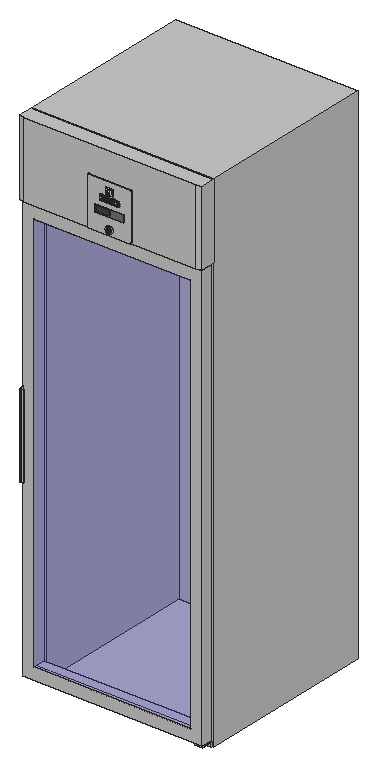
Revit family "QF_ELECTROLUXPROFESSIONAL_725096_RI075R1G", category Specialty Equipment, Revit 2018
Family settings
  Round Connector Dimension = Use Diameter
  Part Type = Normal
  Work Plane-Based = No
  Always vertical = Yes
  Cut with Voids When Loaded = No
  Shared = No
  Room Calculation Point = No
Parameters
  Weight = 130.00 kg
  Watts = 0 W
  Volts = 0 V
  URL Manufacturer = ""
  URL = ""
  Steam Supply Size = 0 mm
  Steam Supply Minimum Pressure = 0.0 Pa
  Steam Supply Maximum Pressure = 0.0 Pa
  Steam Pounds per Hour = 0
  Refrigeration Suction Line Size = 0 mm
  Refrigeration Liquid Line Size = 0 mm
  Refrigerant Compressor Remote = yes
  Manufacturer = ""
  Phase = 0
  Model = ""
  Length Actual = 750 mm  # constant formula
  Item Number = ""
  Hot Water Size = 0 mm
  Height Actual = 2100 mm  # constant formula
  HP = "0.5 HP"
  Gas Size = 0 mm
  Gas KW = 0
  Gas Input Pressure = 0 W
  Direct Waste Size = 0 mm
  Description = ""
  Depth Actual = 810 mm  # constant formula
  Cycle = 0 Hz
  Condensate Return Size = 0 mm
  Compressed Air Volume = 0.0 L/s
  Compressed Air Size = 0 mm
  Compressed Air Pressure = 0.0 Pa
  Cold Water Size = 0 mm
  Accessory = yes
Types (2, lengths in mm): name | Volts | URL Manufacturer | URL | Manufacturer | Phase | Model | Item Number | Description | Cycle
  (no name) | 0 V | "" | "" | "" | 0 | "" | "" | "" | 0 Hz
  Standard | 220 V | "http://professional.electrolux.com" | "http://professional.electrolux.com" | "Electrolux Professional" | 1 | "RI075R1G" | "725096" | "1-GLASS DOOR ROLL-IN REFRIGERATOR 750 LT+2°C R290" | 50 Hz
Reference planes
  plane 1 "Center (Front/Back)": y = 0
  plane 2: z = 0
  plane 3 "Center (Left/Right)": x = 0
  plane 4 "TOP": z = 2101
  plane 5 "FRONT": y = -408
  plane 6 "BACK": y = 408
  plane 7 "LEFT": x = -375
  plane 8 "RIGHT": x = 375
  plane 9 "ROy": y = 241
  plane 10 "RIy": y = 269
  plane 11 "ROx": x = 134
  plane 12 "RIx": x = 207
  plane 13 "ROz": z = 1996
Forms (mm)
  Extrusion 1, solid, material "QF_Finishes_Stainless Steel"
    sketch origin (0, 0, 0) x (1, 0, 0) y (0, 1, 0)
      loop
        line (-375, 408) -> (-375, -336) -> (375, -336) -> (375, 408) -> (-375, 408)
    from 0 to 2101
  Extrusion 2, solid
    sketch origin (0, 408, 1872) x (-1, 0, 0) y (0, 0, 1)
      loop
        circle (359, 124) r 10
    from 0 to 3.2
  Extrusion 3, solid, material "QF_Clearances", detail levels coarse
    sketch origin (0, 0, 0) x (1, 0, 0) y (0, 1, 0)
      loop
        line (-375, -408) -> (-375, 408) -> (375, 408) -> (375, -408) -> (425, -408) -> (425, 458) -> (-425, 458) -> (-425, -408) -> (-375, -408)
    from 0 to 2101
  Extrusion 4, solid, material "QF_Clearances", detail levels coarse
    sketch origin (0, 0, 2101) x (-1, 0, 0) y (0, -1, 0)
      loop
        line (425, -458) -> (425, 408) -> (-425, 408) -> (-425, -458) -> (425, -458)
    from 0 to 500
  Extrusion 5, void
    sketch origin (0, 408, 0) x (-1, 0, 0) y (0, 0, 1)
      loop
        line (315, 1713.5) -> (-315, 1713.5) -> (-315, 5) -> (315, 5) -> (315, 1713.5)
    from -59 to -744
Cuts and joins
  joined: Extrusion 3, Extrusion 4
  Extrusion 5 cuts Extrusion 1
Lines and regions (mm)
  symbolic lines, style "QF_Clearances", detail levels coarse
    curve 1: line (-375, -408, 2101) -> (-425, -408, 2101)
    curve 2: line (-425, -408, 2101) -> (-425, 458, 2101)
    curve 3: line (-425, 458, 2101) -> (425, 458, 2101)
    curve 4: line (425, 458, 2101) -> (425, -408, 2101)
    curve 5: line (425, -408, 2101) -> (375, -408, 2101)
Dimensions and locks
  plane 6 "BACK" to plane 1 "Center (Front/Back)" to plane 5 "FRONT" = 408 mm, 408 mm
  equal spacing: plane 7 "LEFT", plane 3 "Center (Left/Right)", plane 8 "RIGHT"
  plane 7 "LEFT" to plane 8 "RIGHT" = 750 mm
  plane 6 "BACK" to plane 5 "FRONT" = 816 mm
  plane 4 "TOP" to plane 2 = 2101 mm
  equal spacing: plane 8 "RIGHT", plane 3 "Center (Left/Right)", plane 7 "LEFT"
  cut or joined group of Extrusion 1, Extrusion 5 to cut or joined group of Extrusion 1, Extrusion 5 = 630 mm
  cut or joined group of Extrusion 1, Extrusion 5 to cut or joined group of Extrusion 1, Extrusion 5 = 685 mm
  plane 6 "BACK" to plane 10 "RIy" = 139 mm
  plane 6 "BACK" to plane 9 "ROy" = 167 mm
  plane 12 "RIx" to cut or joined group of Extrusion 1, Extrusion 5 = 168 mm
  plane 11 "ROx" to plane 12 "RIx" = 73 mm
  cut or joined group of Extrusion 1, Extrusion 5 to plane 13 "ROz" = 105 mm
  cut or joined group of Extrusion 3, Extrusion 4 to plane 4 "TOP" = 500 mm
  nested 1 to cut or joined group of Extrusion 1, Extrusion 5 = 810 mm
  nested 1 to nested 1 = 16 mm
  cut or joined group of Extrusion 3, Extrusion 4 to cut or joined group of Extrusion 1, Extrusion 5 = 50 mm
  cut or joined group of Extrusion 3, Extrusion 4 to plane 7 "LEFT" = 50 mm
  cut or joined group of Extrusion 1, Extrusion 5 to cut or joined group of Extrusion 3, Extrusion 4 = 50 mm
  plane 4 "TOP" to plane 13 "ROz" = 105 mm
  aligned and locked: level to plane 2
Automatic sketch dimensions
  plane 7 "LEFT" to Extrusion 2 sketch curve = 16 mm
  Extrusion 4 sketch curve to plane 5 "FRONT" = 0 mm
  Extrusion 4 sketch curve to plane 8 "RIGHT" = 50 mm
  Extrusion 4 sketch curve to plane 7 "LEFT" = 50 mm
  plane 6 "BACK" to Extrusion 4 sketch curve = 50 mm
  curve 5 to plane 5 "FRONT" = 0 mm
  curve 5 to plane 8 "RIGHT" = 0 mm
  curve 1 to plane 5 "FRONT" = 0 mm
  curve 1 to plane 7 "LEFT" = 0 mm
  curve 4 to plane 8 "RIGHT" = 50 mm
  curve 2 to plane 7 "LEFT" = 50 mm
  plane 6 "BACK" to curve 3 = 50 mm
  Extrusion 1 sketch curve to plane 7 "LEFT" = 0 mm
  Extrusion 1 sketch curve to plane 8 "RIGHT" = 0 mm
  Extrusion 1 sketch curve to plane 6 "BACK" = 0 mm
  plane 5 "FRONT" to Extrusion 1 sketch curve = 72 mm
  Extrusion 2 sketch curve to plane 4 "TOP" = 105 mm
  Extrusion 3 sketch curve to plane 5 "FRONT" = 0 mm  (x2)
  Extrusion 3 sketch curve to plane 7 "LEFT" = 0 mm
  Extrusion 3 sketch curve to plane 6 "BACK" = 0 mm
  Extrusion 3 sketch curve to plane 8 "RIGHT" = 0 mm
  Extrusion 3 sketch curve to plane 7 "LEFT" = 50 mm
  Extrusion 3 sketch curve to plane 8 "RIGHT" = 50 mm
  plane 6 "BACK" to Extrusion 3 sketch curve = 50 mm
  level to Extrusion 5 sketch curve = 5 mm
  plane 8 "RIGHT" to Extrusion 5 sketch curve = 60 mm
  plane 7 "LEFT" to Extrusion 5 sketch curve = 60 mm
  Extrusion 5 sketch curve to plane 4 "TOP" = 387.5 mm
  radius of Extrusion 2 sketch curve = 10 mm
Nested families
  nested 1: "QF_725096_Door" at (0, -336, 1050.5) x (1, 0, 0) z (0, -1, 0), type "QF_725096_Door"
    with Show Clearance yes
  nested 2: "Refrigerator" at (370, -442.5, 110), type "Refrigerator"
Connectors
  electrical at (-359, 411.2, 1996), driven by "Volts"
    settings: on Extrusion 2, index 2, voltage 0 V, apparent load 0 VA, apparent load phase1 0 VA, apparent load phase2 0 VA, apparent load phase3 0 VA, power factor 1, load classification "Other", number of poles 1, system type 30, power factor state 1, is connector primary yes, connector utility no, sub classification motor no, connector description "Electrical Connection"
Definition of nested family "QF_725096_Door"
  Parameters
    Show Clearance [instance] = yes
    Model = "725096"
    Default Elevation = 1219.2 mm
  Reference planes
    plane 1 "Center (Front/Back)": y = 0
    plane 2: z = 0
    plane 3 "Center (Left/Right)": x = 0
  Forms (mm)
    Extrusion 1, solid
      sketch origin (0, -919.2, 0) x (1, 0, 0) y (0, 1, 0)
        loop
          line (-740, 2119.2) -> (-740, -324.806) -> (846.344, -324.806) -> (846.344, 2119.2) -> (-740, 2119.2)
      from 0 to -59.546
    Extrusion 2, solid
      sketch origin (0, 0, 0) x (1, 0, 0) y (0, 0, 1)
        loop
          line (-375, 60.667) -> (-375, 0) -> (375, 0) -> (375, 60.667) -> (355, 66) -> (-355, 66) -> (-375, 60.667)
      from -1050.5 to -740.5
    Extrusion 3, solid
      sketch origin (0, 0, 0) x (1, 0, 0) y (0, 0, 1)
        loop
          line (-370, 53) -> (-370, 8) -> (-348, 8) -> (-348, 0) -> (362, 0) -> (362, 8) -> (370, 8) -> (370, 53) -> (-370, 53)
      from -733.5 to 1025.5
    Extrusion 4, solid
      sketch origin (147, -711.5, 0) x (0, 1, 0) y (0, 0, 1)
        loop
          line (-323.003, 40.312) -> (-316.501, 40.312) -> (-316.501, 42.812) -> (-325.503, 42.812) -> (-325.503, 2.5) -> (-339, 2.5) -> (-339, 0) -> (-323.003, 0) -> (-323.003, 12.259) -> (-323.003, 40.312)
        loop
          line (-314, 38.311) -> (-316.501, 38.311) -> (-316.501, 14.304) -> (-319.752, 14.304) -> (-319.752, 11.804) -> (-314, 11.804) -> (-314, 38.311)
      from 185 to 220
    Extrusion 5, solid
      sketch origin (147, 499.597, 0) x (0, 1, 0) y (0, 0, 1)
        loop
          line (233.903, 27.948) -> (233.903, 2.948) -> (233.903, 0) -> (240.903, 0) -> (240.903, 2.5) -> (236.403, 2.5) -> (236.403, 27.948) -> (233.903, 27.948)
      from 185 to 220
    Extrusion 6, solid, detail levels coarse
      sketch origin (24, 1013.369, -334) x (-1, 0, 0) y (0, 0, -1)
        loop
          line (-367, -352) -> (-367, -1085) -> (-329, -1085) -> (-329, -1062) -> (-311, -1062) -> (-311, -1044) -> (-303, -1044) -> (-303, -387) -> (-351, -387) -> (-351, -352) -> (-367, -352)
      from 2038.869 to 279.869
    Extrusion 7, solid, detail levels coarse
      sketch origin (41, 1123.369, -334) x (1, 0, 0) y (0, 0, 1)
        loop
          line (286, 400) -> (286, 1044) -> (294, 1044) -> (294, 1062) -> (312, 1062) -> (312, 1085)
          arc (312, 1085) -> (-186.004, 886.559) -> (-411.055, 400) r 724.112
          line (-411.055, 400) -> (286, 400)
      from 2148.869 to 389.869
    Extrusion 8, void
      sketch origin (0, 0, 0) x (1, 0, 0) y (0, 0, 1)
        loop
          line (-325, 66) -> (-325, 0) -> (325, 0) -> (325, 66) -> (-325, 66)
      from -683.5 to 975.5
    Extrusion 9, solid
      sketch origin (0, 0, -13) x (1, 0, 0) y (0, 0, 1)
        loop
          line (-325, 66) -> (-325, 56) -> (325, 56) -> (325, 66) -> (-325, 66)
      from -683.5 to 975.5
    Extrusion 10, solid
      sketch origin (0, 0, 0) x (0, 1, 0) y (0, 0, 1)
        loop
          line (43.095, 67) -> (-300, 67) -> (-308.452, 48.874) -> (-318.452, 48.874) -> (-318.452, 13.874) -> (61.548, 13.874) -> (61.548, 48.874) -> (51.548, 48.874) -> (43.095, 67)
        loop
          circle (11.603, 32.256) r 5
        loop
          circle (-273.397, 32.256) r 5
        loop
          circle (11.603, 32.256) r 6
        loop
          circle (-273.397, 32.256) r 5.995
      from -368.4 to -370
    Extrusion 11, solid
      sketch origin (0, 0, 0) x (0, 1, 0) y (0, 0, 1)
        loop
          line (43.095, 67) -> (-300, 67) -> (-300.746, 65.4) -> (43.841, 65.4) -> (43.095, 67)
      from -370 to -355
    Extrusion 12, void
      sketch origin (0, 0, 0) x (0, 1, 0) y (0, 0, 1)
        loop
          line (-300.746, 65.4) -> (-308.452, 48.874) -> (-318.452, 48.874) -> (-318.452, 13.874) -> (61.548, 13.874) -> (61.548, 48.874) -> (51.548, 48.874) -> (43.841, 65.4) -> (-300.746, 65.4)
      from -370 to -368.4
  Cuts and joins
    Extrusion 8, Extrusion 12 cuts Extrusion 3
    Extrusion 8 cuts Extrusion 7
  Lines and regions (mm)
    symbolic lines
      curve 1: line (-355, 0, 66) -> (355, 0, 66)
      curve 2: line (-375, 0, 0) -> (-375, 0, 60.667)
      curve 3: line (375, 0, 0) -> (-375, 0, 0)
      curve 4: line (391, 0, 18) -> (391, 0, 751)
      curve 5: line (327, 0, 66) -> (327, 0, 710)
      curve 6: line (353, 0, 728) -> (353, 0, 751)
      curve 7: line (335, 0, 728) -> (353, 0, 728)
      curve 8: line (335, 0, 710) -> (335, 0, 728)
      curve 9: line (327, 0, 710) -> (335, 0, 710)
      curve 10: line (373.671, 0, 18) -> (391, 0, 18)
      curve 11: line (375, 0, 0) -> (375, 0, 60.667)
      curve 12: line (375, 0, 60.667) -> (355, 0, 66)
      curve 13: line (-355, 0, 66) -> (-375, 0, 60.667)
      curve 14: line (353, 0, 751) -> (391, 0, 751)
      curve 15: arc (353, 0, 751) -> (-144.641, 0, 552.903) -> (-370, 0, 67) r 724.112
  Dimensions and locks
    Extrusion 4 to Extrusion 2 = 2101 mm
    Extrusion 3 to Extrusion 3 = 740 mm
    aligned and locked: plane 2 to Extrusion 1
    aligned and locked: level to Extrusion 1
  Nested families
    nested 1: "QF_DisplayNewRollCabinets_ELX" at (0, 840.5, 66), type "QF_DisplayNewRollCabinets_ELX"
      with Show Clearance yes
  Definition of nested family "QF_DisplayNewRollCabinets_ELX"
    Parameters
      Show Clearance [instance] = yes
      Model = "728658"
      Default Elevation = 1219.2 mm
    Reference planes
      plane 1 "Center (Front/Back)": y = 0
      plane 2: z = 0
      plane 3 "Center (Left/Right)": x = 0
    Forms (mm)
      Extrusion 1, solid
        sketch origin (0, -919.2, 0) x (1, 0, 0) y (0, 1, 0)
          loop
            line (-198.75, 1146.2) -> (-198.75, 709.567) -> (165.741, 709.567) -> (165.741, 1146.2) -> (-198.75, 1146.2)
        from 0 to -59.546
      Extrusion 2, solid
        sketch origin (-59, -79.611, 0) x (0, 1, 0) y (-1, 0, 0)
          loop
            circle (0.611, -59) r 14
          loop
            circle (0.611, -59) r 10
        from 1.6 to 6
      Extrusion 3, solid
        sketch origin (744.635, 285.889, 0) x (0, 1, 0) y (-1, 0, 0)
          loop
            circle (-364.889, 744.635) r 10
          loop
            circle (-364.889, 744.635) r 9
        from 1.6 to 6
      Extrusion 4, solid
        sketch origin (744.635, 285.889, 0) x (0, 1, 0) y (-1, 0, 0)
          loop
            circle (-364.889, 744.635) r 8.7
        from 1.6 to 6
      Extrusion 5, void
        sketch origin (744.635, 285.889, 0) x (0, 1, 0) y (-1, 0, 0)
          loop
            line (-372.339, 745.885) -> (-372.339, 743.385) -> (-362.339, 743.385) -> (-362.339, 745.885) -> (-372.339, 745.885)
        from 3 to 7
      Extrusion 6, solid
        sketch origin (0, 0, 0) x (1, 0, 0) y (0, 1, 0)
          loop
            arc (-90, -95) -> (-88.536, -98.536) -> (-85, -100) r 5
            line (-85, -100) -> (85, -100)
            arc (85, -100) -> (88.536, -98.536) -> (90, -95) r 5
            line (90, -95) -> (90, 95)
            arc (90, 95) -> (88.536, 98.536) -> (85, 100) r 5
            line (85, 100) -> (-85, 100)
            arc (-85, 100) -> (-88.536, 98.536) -> (-90, 95) r 5
            line (-90, 95) -> (-90, -95)
          loop
            line (-60, -3.798) -> (-60, -32.827) -> (60, -32.827) -> (60, -3.798) -> (-60, -3.798)
        from 0 to 1.6
      Extrusion 7, solid
        sketch origin (0, 0, 0) x (1, 0, 0) y (0, 1, 0)
          loop
            line (-60, -3.798) -> (-60, -32.827) -> (60, -32.827) -> (60, -3.798) -> (-60, -3.798)
          loop
            line (-56.428, -8.037) -> (-56.428, -28.331) -> (0, -28.331) -> (0, -8.037) -> (-56.428, -8.037)
        from 0 to 1.6
      Extrusion 8, solid
        sketch origin (0, 0, 0) x (1, 0, 0) y (0, 1, 0)
          loop
            line (-56.428, -8.037) -> (-56.428, -28.331) -> (0, -28.331) -> (0, -8.037) -> (-56.428, -8.037)
        from 0 to 1.6
      Extrusion 9, solid
        sketch origin (0, 0, 0) x (1, 0, 0) y (0, 1, 0)
          loop
            spline (-35.495, 30.517) -> (-35.679, 30.525) -> (-35.875, 30.55) -> (-36.078, 30.596) -> (-36.282, 30.665) -> (-36.483, 30.762) -> (-36.674, 30.888) -> (-36.851, 31.047) -> (-37.007, 31.242) -> (-37.138, 31.476) -> (-37.238, 31.752) -> (-37.302, 32.073) -> (-37.325, 32.443)
            line (-37.325, 32.443) -> (-37.325, 34.082) -> (-31.914, 34.082) -> (-31.914, 36.172) -> (-37.326, 36.172) -> (-37.326, 39.215) -> (-31.569, 39.215) -> (-31.569, 41.3) -> (-39.541, 41.3) -> (-39.541, 32.538)
            spline (-39.541, 32.538) -> (-39.521, 31.999) -> (-39.461, 31.491) -> (-39.359, 31.016) -> (-39.214, 30.575) -> (-39.026, 30.17) -> (-38.792, 29.803) -> (-38.513, 29.476) -> (-38.186, 29.19) -> (-37.811, 28.948) -> (-37.386, 28.75) -> (-36.91, 28.599) -> (-36.383, 28.497)
            line (-36.383, 28.497) -> (-35.513, 28.434) -> (-31.415, 28.434) -> (-31.415, 30.517) -> (-35.495, 30.517)
          loop
            line (-29.841, 35.221) -> (-29.841, 28.431) -> (-27.625, 28.431) -> (-27.625, 41.303) -> (-29.841, 41.303) -> (-29.841, 35.221)
          loop
            spline (-16.689, 32.543) -> (-16.674, 33.24) -> (-16.741, 33.914) -> (-16.887, 34.559) -> (-17.108, 35.168) -> (-17.403, 35.737) -> (-17.768, 36.257) -> (-18.2, 36.724) -> (-18.697, 37.131) -> (-19.255, 37.471) -> (-19.872, 37.739) -> (-20.545, 37.929) -> (-21.271, 38.033)
            spline (-21.271, 38.033) -> (-21.961, 37.993) -> (-22.617, 37.875) -> (-23.233, 37.682) -> (-23.805, 37.417) -> (-24.328, 37.083) -> (-24.797, 36.683) -> (-25.207, 36.219) -> (-25.554, 35.696) -> (-25.832, 35.116) -> (-26.036, 34.481) -> (-26.162, 33.795) -> (-26.206, 33.061)
            spline (-26.206, 33.061) -> (-26.164, 32.345) -> (-26.041, 31.676) -> (-25.841, 31.056) -> (-25.568, 30.489) -> (-25.226, 29.977) -> (-24.818, 29.524) -> (-24.348, 29.133) -> (-23.822, 28.805) -> (-23.241, 28.546) -> (-22.61, 28.357) -> (-21.934, 28.241) -> (-21.215, 28.202)
            spline (-21.215, 28.202) -> (-20.865, 28.21) -> (-20.518, 28.237) -> (-20.176, 28.283) -> (-19.837, 28.35) -> (-19.503, 28.441) -> (-19.173, 28.557) -> (-18.847, 28.699) -> (-18.525, 28.87) -> (-18.208, 29.07) -> (-17.895, 29.303) -> (-17.587, 29.569) -> (-17.283, 29.871)
            line (-17.283, 29.871) -> (-18.618, 31.17)
            spline (-18.618, 31.17) -> (-18.794, 31.001) -> (-18.971, 30.845) -> (-19.151, 30.704) -> (-19.334, 30.578) -> (-19.523, 30.465) -> (-19.72, 30.368) -> (-19.925, 30.284) -> (-20.141, 30.216) -> (-20.369, 30.163) -> (-20.61, 30.125) -> (-20.867, 30.102) -> (-21.141, 30.094)
            spline (-21.141, 30.094) -> (-21.542, 30.114) -> (-21.918, 30.172) -> (-22.268, 30.268) -> (-22.589, 30.399) -> (-22.881, 30.564) -> (-23.142, 30.762) -> (-23.37, 30.99) -> (-23.564, 31.248) -> (-23.721, 31.534) -> (-23.841, 31.846) -> (-23.921, 32.183) -> (-23.961, 32.543)
            line (-23.961, 32.543) -> (-16.689, 32.543)
          loop
            spline (-18.915, 34.101) -> (-18.937, 34.375) -> (-19, 34.638) -> (-19.101, 34.889) -> (-19.237, 35.124) -> (-19.407, 35.342) -> (-19.606, 35.538) -> (-19.833, 35.712) -> (-20.083, 35.859) -> (-20.355, 35.979) -> (-20.646, 36.067) -> (-20.952, 36.122) -> (-21.271, 36.141)
            spline (-21.271, 36.141) -> (-21.613, 36.123) -> (-21.943, 36.069) -> (-22.256, 35.981) -> (-22.552, 35.864) -> (-22.825, 35.717) -> (-23.075, 35.545) -> (-23.297, 35.35) -> (-23.49, 35.133) -> (-23.65, 34.897) -> (-23.774, 34.645) -> (-23.86, 34.379) -> (-23.905, 34.101)
            line (-23.905, 34.101) -> (-18.915, 34.101)
          loop
            spline (-13.301, 33.118) -> (-13.275, 33.53) -> (-13.201, 33.921) -> (-13.081, 34.288) -> (-12.918, 34.628) -> (-12.715, 34.938) -> (-12.475, 35.216) -> (-12.201, 35.459) -> (-11.896, 35.664) -> (-11.563, 35.828) -> (-11.205, 35.948) -> (-10.825, 36.023) -> (-10.425, 36.048)
            spline (-10.425, 36.048) -> (-10.18, 36.041) -> (-9.946, 36.018) -> (-9.721, 35.98) -> (-9.505, 35.928) -> (-9.298, 35.862) -> (-9.099, 35.782) -> (-8.908, 35.688) -> (-8.724, 35.581) -> (-8.547, 35.461) -> (-8.376, 35.329) -> (-8.211, 35.185) -> (-8.051, 35.028)
            line (-8.051, 35.028) -> (-6.678, 36.457)
            spline (-6.678, 36.457) -> (-6.951, 36.73) -> (-7.233, 36.975) -> (-7.522, 37.194) -> (-7.819, 37.386) -> (-8.123, 37.553) -> (-8.434, 37.695) -> (-8.751, 37.813) -> (-9.075, 37.908) -> (-9.404, 37.98) -> (-9.739, 38.031) -> (-10.08, 38.061) -> (-10.425, 38.07)
            spline (-10.425, 38.07) -> (-11.118, 38.028) -> (-11.781, 37.902) -> (-12.409, 37.698) -> (-12.996, 37.421) -> (-13.537, 37.075) -> (-14.024, 36.665) -> (-14.453, 36.196) -> (-14.817, 35.671) -> (-15.11, 35.097) -> (-15.327, 34.476) -> (-15.462, 33.815) -> (-15.508, 33.118)
            spline (-15.508, 33.118) -> (-15.462, 32.42) -> (-15.327, 31.759) -> (-15.11, 31.138) -> (-14.817, 30.564) -> (-14.453, 30.039) -> (-14.024, 29.57) -> (-13.537, 29.16) -> (-12.996, 28.814) -> (-12.409, 28.537) -> (-11.781, 28.333) -> (-11.118, 28.207) -> (-10.425, 28.165)
            spline (-10.425, 28.165) -> (-10.08, 28.174) -> (-9.739, 28.204) -> (-9.404, 28.255) -> (-9.075, 28.327) -> (-8.751, 28.422) -> (-8.434, 28.54) -> (-8.123, 28.682) -> (-7.819, 28.849) -> (-7.522, 29.041) -> (-7.233, 29.26) -> (-6.951, 29.505) -> (-6.678, 29.779)
            line (-6.678, 29.779) -> (-8.051, 31.207)
            spline (-8.051, 31.207) -> (-8.211, 31.05) -> (-8.376, 30.906) -> (-8.547, 30.774) -> (-8.724, 30.654) -> (-8.908, 30.547) -> (-9.099, 30.453) -> (-9.298, 30.373) -> (-9.505, 30.307) -> (-9.721, 30.255) -> (-9.946, 30.217) -> (-10.18, 30.194) -> (-10.425, 30.187)
            spline (-10.425, 30.187) -> (-10.825, 30.212) -> (-11.205, 30.287) -> (-11.563, 30.407) -> (-11.896, 30.571) -> (-12.201, 30.776) -> (-12.475, 31.019) -> (-12.715, 31.297) -> (-12.918, 31.607) -> (-13.081, 31.947) -> (-13.201, 32.314) -> (-13.275, 32.705) -> (-13.301, 33.118)
          loop
            spline (-1.029, 30.514) -> (-1.224, 30.511) -> (-1.433, 30.525) -> (-1.651, 30.562) -> (-1.872, 30.623) -> (-2.09, 30.713) -> (-2.301, 30.835) -> (-2.498, 30.992) -> (-2.675, 31.189) -> (-2.829, 31.429) -> (-2.952, 31.716) -> (-3.039, 32.053) -> (-3.086, 32.443)
            line (-3.086, 32.443) -> (-3.086, 35.726) -> (-1.07, 35.726) -> (-1.07, 37.739) -> (-3.083, 37.739) -> (-3.083, 41.303) -> (-5.299, 41.303) -> (-5.299, 32.317)
            spline (-5.299, 32.317) -> (-5.251, 31.795) -> (-5.165, 31.305) -> (-5.04, 30.847) -> (-4.875, 30.424) -> (-4.668, 30.037) -> (-4.418, 29.687) -> (-4.125, 29.377) -> (-3.788, 29.108) -> (-3.405, 28.881) -> (-2.975, 28.699) -> (-2.498, 28.562) -> (-1.972, 28.474)
            line (-1.972, 28.474) -> (-1.037, 28.431) -> (-1.029, 30.514)
          loop
            spline (6.427, 37.868) -> (6.044, 37.892) -> (5.675, 37.885) -> (5.321, 37.849) -> (4.984, 37.784) -> (4.663, 37.692) -> (4.362, 37.573) -> (4.079, 37.428) -> (3.817, 37.259) -> (3.576, 37.066) -> (3.358, 36.85) -> (3.163, 36.613) -> (2.992, 36.355)
            line (2.992, 36.355) -> (2.992, 37.739) -> (0.794, 37.739) -> (0.794, 28.431) -> (2.992, 28.431) -> (2.992, 33.325)
            spline (2.992, 33.325) -> (3.013, 33.696) -> (3.072, 34.042) -> (3.169, 34.362) -> (3.303, 34.653) -> (3.471, 34.915) -> (3.673, 35.147) -> (3.907, 35.346) -> (4.171, 35.513) -> (4.465, 35.644) -> (4.785, 35.74) -> (5.132, 35.799) -> (5.504, 35.818)
            line (5.504, 35.818) -> (6.427, 35.726) -> (6.427, 37.868)
          loop
            spline (16.924, 33.085) -> (16.877, 33.768) -> (16.743, 34.419) -> (16.525, 35.032) -> (16.231, 35.603) -> (15.866, 36.126) -> (15.437, 36.596) -> (14.949, 37.008) -> (14.409, 37.357) -> (13.823, 37.637) -> (13.196, 37.844) -> (12.535, 37.972) -> (11.845, 38.016)
            spline (11.845, 38.016) -> (11.152, 37.972) -> (10.488, 37.844) -> (9.86, 37.637) -> (9.273, 37.357) -> (8.733, 37.008) -> (8.246, 36.596) -> (7.818, 36.126) -> (7.455, 35.603) -> (7.163, 35.032) -> (6.946, 34.419) -> (6.812, 33.768) -> (6.766, 33.085)
            spline (6.766, 33.085) -> (6.812, 32.402) -> (6.946, 31.752) -> (7.163, 31.138) -> (7.455, 30.568) -> (7.818, 30.045) -> (8.246, 29.574) -> (8.733, 29.162) -> (9.273, 28.813) -> (9.86, 28.533) -> (10.488, 28.326) -> (11.152, 28.198) -> (11.845, 28.154)
            spline (11.845, 28.154) -> (12.535, 28.198) -> (13.196, 28.326) -> (13.823, 28.533) -> (14.409, 28.813) -> (14.949, 29.162) -> (15.437, 29.574) -> (15.866, 30.045) -> (16.231, 30.568) -> (16.525, 31.138) -> (16.743, 31.752) -> (16.877, 32.402) -> (16.924, 33.085)
          loop
            spline (14.726, 33.085) -> (14.7, 33.488) -> (14.625, 33.872) -> (14.504, 34.235) -> (14.34, 34.572) -> (14.136, 34.882) -> (13.895, 35.161) -> (13.62, 35.405) -> (13.315, 35.612) -> (12.981, 35.778) -> (12.623, 35.901) -> (12.244, 35.977) -> (11.845, 36.003)
            spline (11.845, 36.003) -> (11.443, 35.977) -> (11.061, 35.901) -> (10.702, 35.778) -> (10.368, 35.612) -> (10.063, 35.405) -> (9.789, 35.161) -> (9.549, 34.882) -> (9.346, 34.572) -> (9.184, 34.235) -> (9.064, 33.872) -> (8.99, 33.488) -> (8.965, 33.085)
            spline (8.965, 33.085) -> (8.99, 32.682) -> (9.064, 32.298) -> (9.184, 31.936) -> (9.346, 31.598) -> (9.549, 31.288) -> (9.789, 31.01) -> (10.063, 30.765) -> (10.368, 30.558) -> (10.702, 30.392) -> (11.061, 30.269) -> (11.443, 30.193) -> (11.845, 30.167)
            spline (11.845, 30.167) -> (12.244, 30.193) -> (12.623, 30.269) -> (12.981, 30.392) -> (13.315, 30.558) -> (13.62, 30.765) -> (13.895, 31.01) -> (14.136, 31.288) -> (14.34, 31.598) -> (14.504, 31.936) -> (14.625, 32.298) -> (14.7, 32.682) -> (14.726, 33.085)
          loop
            line (18.286, 35.443) -> (18.286, 28.431) -> (20.504, 28.431) -> (20.504, 41.303) -> (18.286, 41.303) -> (18.286, 35.443)
          loop
            line (28.496, 37.739) -> (28.496, 32.328)
            spline (28.496, 32.328) -> (28.478, 31.977) -> (28.426, 31.659) -> (28.342, 31.376) -> (28.228, 31.126) -> (28.085, 30.908) -> (27.916, 30.721) -> (27.723, 30.566) -> (27.508, 30.44) -> (27.273, 30.344) -> (27.019, 30.276) -> (26.748, 30.236) -> (26.464, 30.223)
            spline (26.464, 30.223) -> (26.18, 30.236) -> (25.909, 30.276) -> (25.656, 30.344) -> (25.42, 30.44) -> (25.205, 30.564) -> (25.012, 30.719) -> (24.843, 30.904) -> (24.701, 31.12) -> (24.587, 31.368) -> (24.503, 31.648) -> (24.451, 31.962) -> (24.433, 32.309)
            line (24.433, 32.309) -> (24.433, 37.739) -> (22.198, 37.739) -> (22.198, 32.125)
            spline (22.198, 32.125) -> (22.238, 31.488) -> (22.352, 30.91) -> (22.537, 30.388) -> (22.786, 29.923) -> (23.095, 29.514) -> (23.456, 29.16) -> (23.866, 28.863) -> (24.319, 28.62) -> (24.808, 28.432) -> (25.33, 28.298) -> (25.877, 28.218) -> (26.446, 28.191)
            spline (26.446, 28.191) -> (27.019, 28.218) -> (27.571, 28.299) -> (28.097, 28.435) -> (28.591, 28.626) -> (29.047, 28.872) -> (29.46, 29.174) -> (29.825, 29.532) -> (30.136, 29.947) -> (30.387, 30.419) -> (30.574, 30.948) -> (30.69, 31.535) -> (30.729, 32.18)
            line (30.729, 32.18) -> (30.729, 37.739) -> (28.496, 37.739)
          loop
            line (39.115, 31.408) -> (37.717, 33.362) -> (39.448, 35.719) -> (40.93, 37.739) -> (38.511, 37.739) -> (36.497, 34.95) -> (34.466, 37.739) -> (32.065, 37.739) -> (33.442, 35.856) -> (35.279, 33.344) -> (33.354, 30.663) -> (31.751, 28.431) -> (34.134, 28.431) -> (36.497, 31.719) -> (38.861, 28.431) -> (41.244, 28.431) -> (39.115, 31.408)
          loop
            line (-38.295, 23.783) -> (-40.009, 23.783) -> (-40.009, 19.333) -> (-39.095, 19.333) -> (-39.095, 20.841) -> (-38.295, 20.841)
            arc (-38.295, 20.841) -> (-36.824, 22.312) -> (-38.295, 23.783) r 1.471
          loop
            arc (-38.234, 21.69) -> (-37.702, 22.312) -> (-38.234, 22.934) r 0.63
            line (-38.234, 22.934) -> (-39.095, 22.934) -> (-39.095, 21.69) -> (-38.234, 21.69)
          loop
            line (-31.313, 23.783) -> (-33.058, 23.783) -> (-33.058, 19.333) -> (-32.144, 19.333) -> (-32.144, 20.866) -> (-31.349, 20.866) -> (-30.568, 19.333) -> (-29.53, 19.333) -> (-30.598, 21.091)
            arc (-30.598, 21.091) -> (-30.04, 21.611) -> (-29.845, 22.348) r 1.374
            arc (-29.845, 22.348) -> (-30.287, 23.365) -> (-31.313, 23.783) r 1.469
          loop
            line (-31.332, 22.942) -> (-32.144, 22.942) -> (-32.144, 21.7) -> (-31.332, 21.7)
            arc (-31.332, 21.7) -> (-30.827, 22.321) -> (-31.332, 22.942) r 0.634
          loop
            circle (-23.849, 21.558) r 2.311
          loop
            circle (-23.849, 21.558) r 1.467
          loop
            line (-17.711, 23.783) -> (-17.711, 19.333) -> (-16.796, 19.333) -> (-16.796, 21.162) -> (-15.122, 21.162) -> (-15.122, 22.003) -> (-16.796, 22.003) -> (-16.796, 22.942) -> (-14.961, 22.942) -> (-14.961, 23.783) -> (-17.711, 23.783)
          loop
            line (-11.187, 23.783) -> (-11.187, 20.776)
            arc (-11.187, 20.776) -> (-10.776, 19.757) -> (-9.763, 19.333) r 1.424
            line (-9.763, 19.333) -> (-8.326, 19.333) -> (-8.326, 20.174) -> (-9.388, 20.174)
            arc (-9.388, 20.174) -> (-10.074, 20.494) -> (-10.272, 21.224) r 0.897
            line (-10.272, 21.224) -> (-8.492, 21.224) -> (-8.492, 22.065) -> (-10.272, 22.065) -> (-10.272, 22.942) -> (-8.369, 22.942) -> (-8.369, 23.783) -> (-11.187, 23.783)
          loop
            line (-2.341, 22.616) -> (-1.684, 23.067)
            arc (-1.684, 23.067) -> (-2.293, 23.661) -> (-3.121, 23.857) r 1.593
            arc (-3.121, 23.857) -> (-3.842, 23.672) -> (-4.423, 23.206) r 1.765
            arc (-4.423, 23.206) -> (-4.501, 22.623) -> (-4.383, 22.046) r 1.775
            arc (-4.383, 22.046) -> (-3.986, 21.617) -> (-3.47, 21.346) r 1.724
            arc (-3.47, 21.346) -> (-3.071, 21.188) -> (-2.688, 20.994) r 4.507
            arc (-2.688, 20.994) -> (-2.464, 20.43) -> (-2.973, 20.098) r 0.479
            arc (-2.973, 20.098) -> (-3.616, 20.315) -> (-4.111, 20.78) r 1.593
            line (-4.111, 20.78) -> (-4.81, 20.341)
            arc (-4.81, 20.341) -> (-4.533, 19.884) -> (-4.129, 19.534) r 1.711
            arc (-4.129, 19.534) -> (-3.616, 19.315) -> (-3.061, 19.259) r 1.845
            arc (-3.061, 19.259) -> (-2.375, 19.396) -> (-1.757, 19.724) r 2.41
            arc (-1.757, 19.724) -> (-1.484, 20.45) -> (-1.625, 21.213) r 1.447
            arc (-1.625, 21.213) -> (-1.929, 21.564) -> (-2.319, 21.818) r 1.678
            arc (-2.319, 21.818) -> (-2.811, 22.038) -> (-3.316, 22.227) r 8.836
            arc (-3.316, 22.227) -> (-3.607, 22.681) -> (-3.186, 23.017) r 0.402
            arc (-3.186, 23.017) -> (-2.717, 22.913) -> (-2.341, 22.616) r 1.07
          loop
            line (9.023, 23.783) -> (9.023, 19.333) -> (9.938, 19.333) -> (9.938, 23.783) -> (9.023, 23.783)
          loop
            circle (16.107, 21.558) r 1.384
          loop
            circle (16.107, 21.558) r 2.311
          loop
            line (22.245, 19.333) -> (23.169, 19.333) -> (23.169, 22.131) -> (25.205, 19.333) -> (26.094, 19.333) -> (26.094, 23.783) -> (25.17, 23.783) -> (25.17, 20.9) -> (23.135, 23.783) -> (22.245, 23.783) -> (22.245, 19.333)
          loop
            line (30.707, 19.333) -> (31.141, 20.293) -> (32.787, 20.293) -> (33.22, 19.333) -> (34.204, 19.333) -> (31.937, 23.783) -> (29.725, 19.333) -> (30.707, 19.333)
          loop
            line (31.964, 22.119) -> (31.552, 21.206) -> (32.376, 21.206) -> (31.964, 22.119)
          loop
            line (38.748, 20.174) -> (38.748, 23.783) -> (37.833, 23.783) -> (37.833, 19.333) -> (40.459, 19.333) -> (40.459, 20.174) -> (38.748, 20.174)
          loop
            line (-14.216, 47.398) -> (14.216, 47.398) -> (14.216, 75.792) -> (-14.216, 75.792) -> (-14.216, 47.398)
          loop
            line (3.797, 74.398) -> (3.797, 48.85)
            arc (3.797, 48.85) -> (13.241, 61.624) -> (3.797, 74.398) r 13.361
          loop
            line (2.497, 72.548) -> (2.497, 74.398)
            arc (2.497, 74.398) -> (-8.128, 71.983) -> (-13.247, 62.364) r 13.094
            line (-13.247, 62.364) -> (-9.02, 62.364)
            arc (-9.02, 62.364) -> (-1.469, 65.429) -> (2.497, 72.548) r 12.273
          loop
            arc (-13.247, 60.883) -> (-8.136, 51.185) -> (2.497, 48.522) r 13.436
            line (2.497, 48.522) -> (2.497, 50.7)
            arc (2.497, 50.7) -> (-1.469, 57.818) -> (-9.02, 60.883) r 12.273
            line (-9.02, 60.883) -> (-13.247, 60.883)
          loop
            line (4.381, 22.616) -> (5.039, 23.067)
            arc (5.039, 23.067) -> (4.429, 23.661) -> (3.601, 23.857) r 1.593
            arc (3.601, 23.857) -> (2.88, 23.672) -> (2.299, 23.206) r 1.765
            arc (2.299, 23.206) -> (2.221, 22.623) -> (2.339, 22.046) r 1.775
            arc (2.339, 22.046) -> (2.736, 21.617) -> (3.252, 21.346) r 1.724
            arc (3.252, 21.346) -> (3.651, 21.188) -> (4.034, 20.994) r 4.507
            arc (4.034, 20.994) -> (4.258, 20.43) -> (3.75, 20.098) r 0.479
            arc (3.75, 20.098) -> (3.106, 20.315) -> (2.611, 20.78) r 1.593
            line (2.611, 20.78) -> (1.912, 20.341)
            arc (1.912, 20.341) -> (2.189, 19.884) -> (2.594, 19.534) r 1.711
            arc (2.594, 19.534) -> (3.106, 19.315) -> (3.661, 19.259) r 1.845
            arc (3.661, 19.259) -> (4.347, 19.396) -> (4.965, 19.724) r 2.41
            arc (4.965, 19.724) -> (5.238, 20.45) -> (5.097, 21.213) r 1.447
            arc (5.097, 21.213) -> (4.793, 21.564) -> (4.403, 21.818) r 1.678
            arc (4.403, 21.818) -> (3.911, 22.038) -> (3.406, 22.227) r 8.836
            arc (3.406, 22.227) -> (3.115, 22.681) -> (3.536, 23.017) r 0.402
            arc (3.536, 23.017) -> (4.005, 22.913) -> (4.381, 22.616) r 1.07
        from 1.6 to 3.2
      Extrusion 10, solid
        sketch origin (0, 0, 0) x (1, 0, 0) y (0, 1, 0)
          loop
            line (1.25, -86.45) -> (1.25, -76.45) -> (-1.25, -76.45) -> (-1.25, -86.45) -> (1.25, -86.45)
        from 1.6 to 6
    Cuts and joins
      Extrusion 5 cuts Extrusion 4
    Lines and regions (mm)
      symbolic lines
        curve 1: line (52.518, 0, 4) -> (-53.037, 0, 4)
        curve 2: line (40, 0, 4) -> (40, 0, 6)
        curve 3: line (40, 0, 6) -> (-40, 0, 6)
        curve 4: line (-40, 0, 6) -> (-40, 0, 4)
        curve 5: line (-64.765, 0, 0) -> (-53.037, 0, 4)
        curve 6: line (52.518, 0, 4) -> (64.135, 0, 0)
    Dimensions and locks
      aligned and locked: plane 2 to Extrusion 1
      aligned and locked: level to Extrusion 1
Definition of nested family "Refrigerator"
  Reference planes
    plane 1 "Center (Front/Back)": y = 0
    plane 2: z = 0
    plane 3 "Center (Left/Right)": x = 0
  Lines and regions (mm)
    detail lines, in view "Ref. Level"
      curve 1: spline (-500, 190, 0) -> (-493.185, 166.706, 0) -> (-473.205, 145, 0) -> (-441.421, 126.36, 0) -> (-400, 112.058, 0) -> (-351.764, 103.067, 0) -> (-300, 100, 0) -> (-248.236, 103.067, 0) -> (-200, 112.058, 0) -> (-158.579, 126.36, 0) -> (-126.795, 145, 0) -> (-106.815, 166.706, 0) -> (-100, 190, 0) -> (-106.815, 213.294, 0) -> (-126.795, 235, 0) -> (-158.579, 253.64, 0) -> (-200, 267.942, 0) -> (-248.236, 276.933, 0) -> (-300, 280, 0) -> (-351.764, 276.933, 0) -> (-400, 267.942, 0) -> (-441.421, 253.64, 0) -> (-473.205, 235, 0) -> (-493.185, 213.294, 0) -> (-500, 190, 0)
      curve 2: line (-300, 130, 0) -> (-300, 250, 0)
      curve 3: line (-351.962, 220, 0) -> (-248.038, 160, 0)
      curve 4: line (-351.962, 160, 0) -> (-248.038, 220, 0)
      curve 5: line (-280.884, 246.873, 0) -> (-300, 225, 0)
      curve 6: line (-300, 225, 0) -> (-319.116, 246.873, 0)
      curve 7: line (-330.311, 207.5, 0) -> (-339.696, 234.992, 0)
      curve 8: line (-358.812, 201.882, 0) -> (-330.311, 207.5, 0)
      curve 9: line (-330.311, 172.5, 0) -> (-358.812, 178.118, 0)
      curve 10: line (-339.696, 145.008, 0) -> (-330.311, 172.5, 0)
      curve 11: line (-300, 155, 0) -> (-319.116, 133.127, 0)
      curve 12: line (-280.884, 133.127, 0) -> (-300, 155, 0)
      curve 13: line (-269.689, 172.5, 0) -> (-260.304, 145.008, 0)
      curve 14: line (-241.188, 178.118, 0) -> (-269.689, 172.5, 0)
      curve 15: line (-269.689, 207.5, 0) -> (-241.188, 201.882, 0)
      curve 16: line (-260.304, 234.992, 0) -> (-269.689, 207.5, 0)
